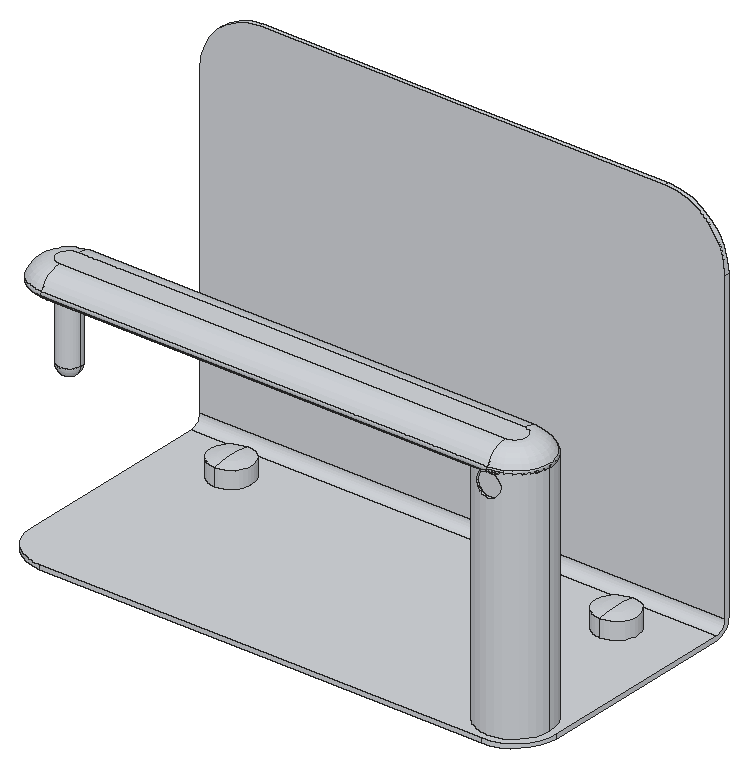
Revit family "Accessory-Tissue_Holder-KOHLER-Kumin-K-29221", category Specialty Equipment, host Face, Revit 2021
Family settings
  Host = Face
  Round Connector Dimension = Use Diameter
  Part Type = Normal
  OmniClass Number = 23.31.25.21
  OmniClass Title = Toilet Paper Dispensers
  Cut with Voids When Loaded = No
  Shared = No
  Room Calculation Point = No
Parameters (values of type "CP-Polished Chrome")
  Width = 4.29921"  # constant formula
  WaterSense Certified = 1 = 0  # no
  URL = "https://www.us.kohler.com/us/"
  Type = 1
  Product Page URL = "https://www.us.kohler.com/us/catalog/productDetails.jsp?productId=29221"
  Product Name = "Kumin"  # constant formula
  Product Documentation Link = "https://www.us.kohler.com/webassets/kpna/catalog/pdf/en/K-29221_spec_US-CA_Kohler_en.pdf"
  Model = if(Type = 1, "K-29221-CP", if(Type = 2, "K-29221-BN", if(Type = 3, "K-29221-BL", if(Type = 4, "K-29221-2MB", "NA"))))  # "K-29221-CP"
  Material = "Premium Metal Construction"  # constant formula
  Master Format 2014 Name = "Toilet, Bath, and Laundry Accessories"  # constant formula
  Master Format 2014 = "10 28 00"  # constant formula
  Manufacturer Address = "444 Highland Dr, Kohler, WI 53044"  # constant formula
  Manufacturer = "Kohler Co."  # constant formula
  Length = 5.90551"  # constant formula
  Height = 2.88189"  # constant formula
  Finish = Kohler-Metal-CP-Polished_Chrome
  Environmental Product Declaration = ""
  Description = "Toilet Paper Holder (With Tray)"  # constant formula
  Default Elevation = 42"
  Declare Label = ""
  Date Modified = "08/20/2022"  # constant formula
  Date Created = "08/20/2022"  # constant formula
  Copyright = "Copyright Kohler Co."  # constant formula
  Contact Us = "https://www.us.kohler.com/us/static/contact.jsp"
  Assembly Code = "C1030200"
  ADA Compliant = 1 = 0  # no
Types (5): name | Type | Model | Finish
  (no name) | 1 | "K-29221-CP" | Kohler-Metal-CP-Polished_Chrome
  CP-Polished Chrome | 1 | "K-29221-CP" | Kohler-Metal-CP-Polished_Chrome
  BN-Vibrant Brushed Nickel | 2 | "K-29221-BN" | Kohler-Metal-BN-Vibrant_Brushed_Nickel
  BL-Matte Black | 3 | "K-29221-BL" | Kohler-Metal-BL-Matte_Black
  2MB-Vibrant Brushed Moderne Brass | 4 | "K-29221-2MB" | Kohler-Metal-2MB-Vibrant_Brushed_Moderne_Brass
Reference planes (in)
  plane 1 "Center (Front/Back)": y = 0
  plane 2: z = 0
  plane 3 "Center (Left/Right)": x = 0
  plane 4: x = -2.95276
  plane 5: x = 2.95276
  plane 6: y = 1.44094
  plane 7: y = -1.44094
  plane 8: y = -0.96839
  plane 9: z = 4.29921
  plane 10: z = 2.91149
Dimensions and locks (in)
  "Length": plane 4 to plane 5
  "Height": plane 6 to plane 7
  "Width": plane 9 to level
  aligned and locked: plane 2 to host face
  aligned and locked: level to host face
  aligned and locked: plane 3 "Center (Left/Right)" to nested 1
  aligned and locked: plane 1 "Center (Front/Back)" to nested 1
Automatic sketch dimensions
  host sketch curve to host sketch curve = 96"  (x2)
Nested families (in)
  nested 1: "K-29221" at (0, 0, 0), type "K-29221"
Definition of nested family "K-29221"
  Parameters (values of type "K-29221")
    Material = none
    Default Elevation = 0"
  Reference planes (in)
    plane 1 "Center (Front/Back)": y = 0
    plane 2: z = 0
    plane 3 "Center (Left/Right)": x = 0
    plane 4: x = -2.95276
    plane 5: x = 2.95276
    plane 6: z = 4.29921
    plane 7: y = 1.44094
    plane 8: y = -1.44094
    plane 9: x = 2.4799
    plane 10: x = -2.52953
    plane 11: y = -0.96839
    plane 12: z = 2.91149
  Forms (in)
    Extrusion 1, solid, material <- "Material", detail levels medium+fine
      sketch origin (0, 0, 0) x (0, 1, 0) y (0, 0, 1)
        loop
          line (1.3937, 4.29921) -> (1.3937, 0.16535)
          arc (1.3937, 0.16535) -> (1.35911, 0.08184) -> (1.27559, 0.04724) r 0.11811
          line (1.27559, 0.04724) -> (-1.44094, 0.04724) -> (-1.44094, 0) -> (1.27559, 0)
          arc (1.27559, 0) -> (1.39251, 0.04843) -> (1.44094, 0.16535) r 0.16535
          line (1.44094, 0.16535) -> (1.44094, 4.29921) -> (1.3937, 4.29921)
      from -2.95276 to 2.95276
    Extrusion 2, void
      sketch origin (0, 0, 0) x (1, 0, 0) y (0, 1, 0)
        loop
          line (-2.95276, -0.9685) -> (-2.95276, -2.06679) -> (2.95276, -2.06679) -> (2.95276, -0.9685)
          arc (2.95276, -0.9685) -> (2.81438, -1.30257) -> (2.48031, -1.44094) r 0.47244
          line (2.48031, -1.44094) -> (0.01969, -1.44094) -> (-2.48031, -1.44094)
          arc (-2.48031, -1.44094) -> (-2.81438, -1.30257) -> (-2.95276, -0.9685) r 0.47244
      from -0.06573 to 0.1675
    Extrusion 3, void
      sketch origin (0, 0, 0) x (1, 0, 0) y (0, 0, 1)
        loop
          arc (2.27915, 4.29921) -> (2.75546, 4.10192) -> (2.95276, 3.6256) r 0.67361
          line (2.95276, 3.6256) -> (2.95276, 5.04921) -> (-2.95276, 5.04921) -> (-2.95276, 3.6256)
          arc (-2.95276, 3.6256) -> (-2.75546, 4.10192) -> (-2.27915, 4.29921) r 0.67361
          line (-2.27915, 4.29921) -> (-0.02915, 4.29921) -> (2.27915, 4.29921)
      from -1.87047 to -1.11811
    Revolve 4, solid, material <- "Material", detail levels medium+fine
      sketch origin (-2.16535, 0, 0) x (0, 1, 0) y (0, 0, 1)
        loop
          line (0.85039, 0.04724) -> (1.08661, 0.04724) -> (1.08661, 0.23622)
          arc (1.08661, 0.23622) -> (0.9693, 0.25683) -> (0.85039, 0.26385) r 1.03753
          line (0.85039, 0.26385) -> (0.85039, 0.04724)
        axis (0.85039, 0.26385) -> (0.85039, 0.04724)
      angle from 0 to 360
    Revolve 5, solid, material <- "Material", detail levels medium+fine
      sketch origin (2.16535, 0, 0) x (0, 1, 0) y (0, 0, -1)
        loop
          line (0.85039, -0.04724) -> (0.85039, -0.26385)
          arc (0.85039, -0.26385) -> (0.9693, -0.25683) -> (1.08661, -0.23622) r 1.03753
          line (1.08661, -0.23622) -> (1.08661, -0.04724) -> (0.85039, -0.04724)
        axis (0.85039, -0.26385) -> (0.85039, -0.04724)
      angle from 0 to 360
    Revolve 6, solid, material <- "Material", detail levels medium+fine
      sketch origin (0, -0.96816, 0) x (1, 0, 0) y (0, 0, 1)
        loop
          line (-2.52953, 1.74116) -> (-2.52953, 2.59082) -> (-2.6578, 2.59082) -> (-2.6578, 1.86943)
          arc (-2.6578, 1.86943) -> (-2.62023, 1.77873) -> (-2.52953, 1.74116) r 0.12827
        axis (-2.52953, 2.59082) -> (-2.52953, 1.74116)
      angle from 0 to 360
    Sweep 7, solid, material <- "Material", detail levels medium+fine
      path origin (0, 0, 0) x (1, 0, 0) y (0, 1, 0)
        loop
          arc (-2.53244, -0.57469) -> (-2.92614, -0.96839) -> (-2.53244, -1.36209) r 0.3937
          line (-2.53244, -1.36209) -> (2.48184, -1.36209)
          arc (2.48184, -1.36209) -> (2.87554, -0.96839) -> (2.48184, -0.57469) r 0.3937
          line (2.48184, -0.57469) -> (-2.53244, -0.57469)
      profile origin (-0.0253, -0.57469, 0) x (0, 1, 0) y (0, 0, 1)
        loop
          line (-0.30143, 2.91149) -> (-0.30143, 2.54492) -> (-0.2681, 2.54492)
          arc (-0.2681, 2.54492) -> (-0.13196, 2.59678) -> (-0.0164, 2.68549) r 0.50288
          arc (-0.0164, 2.68549) -> (-0.00217, 2.71322) -> (-0.00586, 2.74417) r 0.05335
          arc (-0.00586, 2.74417) -> (-0.10928, 2.86596) -> (-0.26243, 2.91149) r 0.28038
          line (-0.26243, 2.91149) -> (-0.30143, 2.91149)
    Extrusion 8, solid, material <- "Material", detail levels medium+fine
      sketch origin (0, 0, 0) x (1, 0, 0) y (0, 1, 0)
        loop
          arc (-2.53244, -0.87612) -> (-2.62471, -0.96839) -> (-2.53244, -1.06067) r 0.09227
          line (-2.53244, -1.06067) -> (2.48184, -1.06067)
          arc (2.48184, -1.06067) -> (2.57412, -0.96839) -> (2.48184, -0.87612) r 0.09227
          line (2.48184, -0.87612) -> (-2.53244, -0.87612)
      from 2.54492 to 2.91149
    Revolve 9, solid, material <- "Material", detail levels medium+fine
      sketch origin (0, -0.9685, 0) x (1, 0, 0) y (0, 0, 1)
        loop
          line (2.48031, 0.04724) -> (2.48031, 2.72328) -> (2.08703, 2.72328) -> (2.08703, 0.04724) -> (2.48031, 0.04724)
        axis (2.48031, 0.04724) -> (2.48031, 2.72328)
      angle from 0 to 360
    Extrusion 10, void
      sketch origin (0, 0, 0) x (1, 0, 0) y (0, 0, 1)
        loop
          circle (2.48856, 2.56643) r 0.13626
      from 1.32763 to 1.40866
    Extrusion 11, solid, material <- "Material", detail levels coarse
      sketch origin (0, 0, 0) x (0, 1, 0) y (0, 0, 1)
        loop
          line (1.3937, 4.29921) -> (1.3937, 0.04724) -> (-1.44094, 0.04724) -> (-1.44094, 0) -> (1.44094, 0) -> (1.44094, 4.29921) -> (1.3937, 4.29921)
      from -2.95276 to 2.95276
    Revolve 12, solid, material <- "Material", detail levels coarse
      sketch origin (2.47893, -0.00143, 0.0115) x (0, 1, 0) y (0, 0, 1)
        loop
          line (-0.96839, 2.53329) -> (-0.96839, 0.04724) -> (-0.57522, 0.04724) -> (-0.57522, 2.53329) -> (-0.96839, 2.53329)
        axis (-0.96839, 2.53329) -> (-0.96839, 0.04724)
      angle from 0 to 360
    Revolve 13, solid, material <- "Material", detail levels coarse
      sketch origin (0, -0.96839, 0) x (1, 0, 0) y (0, 0, 1)
        loop
          line (-2.52953, 2.59082) -> (-2.6578, 2.59082) -> (-2.6578, 1.85509)
          arc (-2.6578, 1.85509) -> (-2.61925, 1.76933) -> (-2.52953, 1.74121) r 0.11469
          line (-2.52953, 1.74121) -> (-2.52953, 2.59082)
        axis (-2.52953, 1.74121) -> (-2.52953, 2.59082)
      angle from 0 to 360
    Extrusion 14, solid, material <- "Material", detail levels coarse
      sketch origin (0, 0, 0) x (1, 0, 0) y (0, 1, 0)
        loop
          circle (-2.16535, 0.85039) r 0.23622
        loop
          circle (2.16535, 0.85039) r 0.23622
      from 0 to 0.26666
    Extrusion 15, solid, material <- "Material", detail levels coarse
      sketch origin (0, 0, 0) x (1, 0, 0) y (0, 1, 0)
        loop
          line (2.4799, -0.57469) -> (-2.52953, -0.57469)
          arc (-2.52953, -0.57469) -> (-2.92323, -0.96839) -> (-2.52953, -1.36209) r 0.3937
          line (-2.52953, -1.36209) -> (2.4799, -1.36209)
          arc (2.4799, -1.36209) -> (2.8736, -0.96839) -> (2.4799, -0.57469) r 0.3937
      from 2.54492 to 2.91149
  Cuts and joins
    Extrusion 2, Extrusion 3 cuts Extrusion 1
    joined: Extrusion 1, Revolve 4, Revolve 5
    Extrusion 10 cuts Sweep 7
    Extrusion 10 cuts Extrusion 8
    joined: Sweep 7, Extrusion 8
    Extrusion 10 cuts Revolve 9
    joined: Revolve 13, Extrusion 15
    joined: Extrusion 11, Revolve 12, Extrusion 14
  Lines and regions (in)
    Masking region 1
      outline origin (0, 0, 0) x (1, 0, 0) y (0, 1, 0)
        loop
          line (-2.95276, 1.44094) -> (-2.95276, -0.9685)
          arc (-2.95276, -0.9685) -> (-2.81438, -1.30257) -> (-2.48031, -1.44094) r 0.47244
          line (-2.48031, -1.44094) -> (2.48031, -1.44094)
          arc (2.48031, -1.44094) -> (2.81438, -1.30257) -> (2.95276, -0.9685) r 0.47244
          line (2.95276, -0.9685) -> (2.95276, 1.44094) -> (-2.95276, 1.44094)
    Masking region 2
      outline origin (0, 0, 0) x (0, 1, 0) y (0, 0, 1)
        loop
          line (1.3937, 4.29921) -> (1.3937, 0.16535)
          arc (1.3937, 0.16535) -> (1.35911, 0.08184) -> (1.27559, 0.04724) r 0.11811
          line (1.27559, 0.04724) -> (1.08661, 0.04724) -> (1.08661, 0.23622)
          arc (1.08661, 0.23622) -> (0.85039, 0.26312) -> (0.61417, 0.23622) r 1.05082
          line (0.61417, 0.23622) -> (0.61417, 0.04724) -> (-0.57522, 0.04724) -> (-0.57522, 2.72328)
          arc (-0.57522, 2.72328) -> (-0.57718, 2.73998) -> (-0.58295, 2.75576) r 0.07206
          arc (-0.58295, 2.75576) -> (-0.75885, 2.87527) -> (-0.96839, 2.91149) r 0.50334
          arc (-0.96839, 2.91149) -> (-1.17794, 2.87527) -> (-1.35383, 2.75576) r 0.50334
          arc (-1.35383, 2.75576) -> (-1.36043, 2.74017) -> (-1.36156, 2.72328) r 0.05091
          arc (-1.36156, 2.72328) -> (-1.3335, 2.57683) -> (-1.36156, 2.43038) r 0.39612
          line (-1.36156, 2.43038) -> (-1.36156, 0.04724) -> (-1.44094, 0.04724) -> (-1.44094, 0) -> (1.27559, 0)
          arc (1.27559, 0) -> (1.39251, 0.04843) -> (1.44094, 0.16535) r 0.16535
          line (1.44094, 0.16535) -> (1.44094, 4.29921) -> (1.3937, 4.29921)
    Masking region 3
      outline origin (0, 0, 0) x (1, 0, 0) y (0, 0, 1)
        loop
          line (2.95276, 0) -> (2.95276, 3.6256)
          arc (2.95276, 3.6256) -> (2.75546, 4.10192) -> (2.27915, 4.29921) r 0.67361
          line (2.27915, 4.29921) -> (-2.27915, 4.29921)
          arc (-2.27915, 4.29921) -> (-2.75546, 4.10192) -> (-2.95276, 3.6256) r 0.67361
          line (-2.95276, 3.6256) -> (-2.95276, 0) -> (2.95276, 0)
    symbolic lines
      curve 1: line (0, -1.44094, 0.04724) -> (0, -1.44094, 0.08077)
    symbolic lines, detail levels medium+fine
      curve 2: line (2.95276, 0, 0.16535) -> (-2.95276, 0, 0.16535)
      curve 3: line (0, -1.36179, 2.72328) -> (0, -0.57522, 2.72328)
      curve 4: line (0, -1.35383, 2.75576) -> (0, -0.58295, 2.75576)
      curve 5: line (0, -1.36156, 0.04724) -> (0, -0.57522, 0.04724)
      curve 6: line (0, 0.61417, 0.04724) -> (0, 1.08661, 0.04724)
      curve 7: line (0, 0.61417, 0.23622) -> (0, 1.08661, 0.23622)
      curve 8: line (0, -0.96839, 0.04724) -> (0, -0.96839, 0)
      curve 9: line (0, 1.3937, 3.6256) -> (0, 1.44094, 3.6256)
      curve 10: circle (-2.16535, 0.85039, 0) r 0.23622 normal (0, 0, 1)
      curve 11: circle (2.16535, 0.85039, 0) r 0.23622 normal (0, 0, 1)
      curve 12: arc (2.4799, -0.57522, 0) -> (2.8736, -0.96892, 0) -> (2.4799, -1.36262, 0) r 0.3937
      curve 13: line (2.4799, -0.57522, 0) -> (-2.53396, -0.57522, 0)
      curve 14: line (2.4799, -1.36156, 0) -> (-2.53396, -1.36156, 0)
      curve 15: arc (-2.53396, -0.57522, 0) -> (-2.92713, -0.96839, 0) -> (-2.53396, -1.36156, 0) r 0.39317
      curve 16: line (-2.52953, -0.57522, 0) -> (-2.52953, -1.36156, 0)
      curve 17: line (2.4799, -0.57522, 0) -> (2.4799, -1.36156, 0)
      curve 18: line (-2.95276, 1.3937, 0) -> (2.95276, 1.3937, 0)
      curve 19: line (-2.95276, 1.27559, 0) -> (2.95276, 1.27559, 0)
      curve 20: line (-2.27915, 1.44094, 0) -> (-2.27915, 1.3937, 0)
      curve 21: line (2.27915, 1.44094, 0) -> (2.27915, 1.3937, 0)
  Dimensions and locks (in)
    plane 5 to plane 4 = 5.90551"
    plane 6 to level = 4.29921"
    aligned and locked: plane 2 to level
